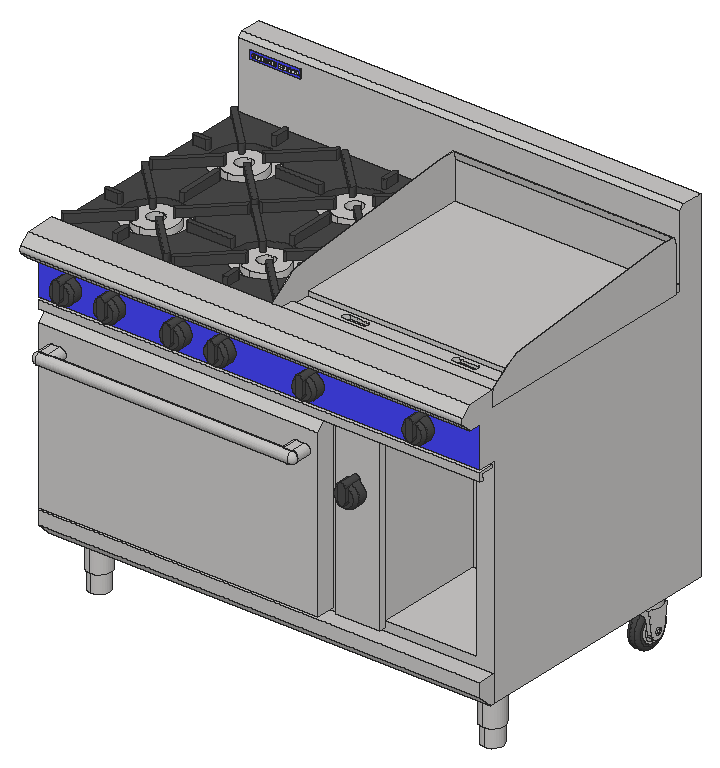
Revit family "QF_MOFFAT_BLUESEAL_CE_GE58B", category Specialty Equipment, Revit 2012 (continued)
Automatic sketch dimensions
  plane 7 "Center Y" to Extrusion 26 sketch curve = 102.757 mm
  Extrusion 26 sketch curve to Extrusion 26 sketch curve = 20.282 mm  (x2)
  Revolve 27 sketch curve to plane 3 "LEFT" = 6.961 mm
  plane 3 "LEFT" to Revolve 27 sketch curve = 23.246 mm
  Revolve 27 sketch curve to plane 18 = 16.875 mm
  Revolve 27 sketch curve to Revolve 27 sketch curve = 15 mm
  Revolve 27 sketch curve to plane 7 "Center Y" = 11.961 mm
  plane 7 "Center Y" to Revolve 27 sketch curve = 123.039 mm
  Revolve 27 sketch curve to Revolve 27 sketch curve = 0 mm
  Extrusion 28 sketch curve to Extrusion 28 sketch curve = 0 mm  (x17)
  Extrusion 28 sketch curve to Extrusion 28 sketch curve = 300 mm
  Split face 1 sketch curve to Split face 1 sketch curve = 4.041 mm  (x4)
  Split face 1 sketch curve to Split face 1 sketch curve = 8.66 mm  (x2)
  Split face 1 sketch curve to Split face 1 sketch curve = 223.917 mm
  Split face 1 sketch curve to Split face 1 sketch curve = 17 mm
  Split face 1 sketch curve to Split face 1 sketch curve = 7 mm  (x3)
  Split face 2 sketch curve to Split face 2 sketch curve = 4.041 mm  (x4)
  Split face 2 sketch curve to Split face 2 sketch curve = 8.66 mm  (x2)
  Split face 2 sketch curve to Split face 2 sketch curve = 223.917 mm
  Split face 2 sketch curve to Split face 2 sketch curve = 17 mm
  Split face 2 sketch curve to Split face 2 sketch curve = 7 mm  (x3)
  Split face 3 sketch curve to Split face 3 sketch curve = 4.041 mm  (x4)
  Split face 3 sketch curve to Split face 3 sketch curve = 8.66 mm  (x2)
  Split face 3 sketch curve to Split face 3 sketch curve = 223.917 mm
  Split face 3 sketch curve to Split face 3 sketch curve = 17 mm
  Split face 3 sketch curve to Split face 3 sketch curve = 7 mm  (x3)
  Split face 4 sketch curve to Split face 4 sketch curve = 4.041 mm  (x4)
  Split face 4 sketch curve to Split face 4 sketch curve = 8.66 mm  (x2)
  Split face 4 sketch curve to Split face 4 sketch curve = 223.917 mm
  Split face 4 sketch curve to Split face 4 sketch curve = 17 mm
  Split face 4 sketch curve to Split face 4 sketch curve = 7 mm  (x3)
  Extrusion 9 sketch curve to plane 17 = 61.602 mm  (x3)
  plane 9 to Extrusion 9 sketch curve = 4.847 mm  (x3)
  Extrusion 9 sketch curve to Extrusion 9 sketch curve = 0 mm  (x8)
  plane 3 "LEFT" to Extrusion 9 sketch curve = 15.153 mm
  Extrusion 9 sketch curve to plane 7 "Center Y" = 15.153 mm  (x3)
  Extrusion 9 sketch curve to Extrusion 9 sketch curve = 4.525 mm  (x24)
  Extrusion 9 sketch curve to plane 17 = 67.398 mm  (x2)
  Extrusion 9 sketch curve to Extrusion 9 sketch curve = 36.204 mm  (x2)
  Extrusion 9 sketch curve to Extrusion 9 sketch curve = 65.923 mm  (x2)
  Extrusion 9 sketch curve to plane 11 = 9.416 mm  (x2)
  Extrusion 9 sketch curve to Extrusion 9 sketch curve = 19.533 mm
  Extrusion 9 sketch curve to Extrusion 9 sketch curve = 20.524 mm  (x6)
  Extrusion 9 sketch curve to Extrusion 9 sketch curve = 6.4 mm  (x12)
  plane 12 to Extrusion 9 sketch curve = 40.548 mm  (x4)
  Extrusion 9 sketch curve to plane 12 = 24.426 mm  (x2)
  Extrusion 9 sketch curve to plane 13 = 7.374 mm  (x4)
  plane 8 "Center X" to Extrusion 9 sketch curve = 8.898 mm  (x4)
  plane 8 "Center X" to Extrusion 9 sketch curve = 4.372 mm  (x4)
  Extrusion 9 sketch curve to plane 8 "Center X" = 43.102 mm  (x2)
  Extrusion 9 sketch curve to Extrusion 9 sketch curve = 55.923 mm  (x4)
  plane 10 to Extrusion 9 sketch curve = 43.646 mm
  plane 10 to Extrusion 9 sketch curve = 43.172 mm  (x2)
  plane 10 to Extrusion 9 sketch curve = 9.848 mm  (x4)
  plane 10 to Extrusion 9 sketch curve = 5.323 mm  (x4)
  Extrusion 9 sketch curve to plane 10 = 65.126 mm  (x2)
  plane 9 to Extrusion 9 sketch curve = 13.898 mm
  Extrusion 9 sketch curve to plane 22 = 32.653 mm  (x3)
  Extrusion 9 sketch curve to plane 7 "Center Y" = 6.102 mm
  plane 3 "LEFT" to Extrusion 9 sketch curve = 6.102 mm  (x3)
  Extrusion 9 sketch curve to plane 22 = 29.398 mm  (x2)
  plane 3 "LEFT" to Extrusion 9 sketch curve = 16.591 mm  (x2)
  plane 14 to Extrusion 9 sketch curve = 40.025 mm  (x4)
  plane 14 to Extrusion 9 sketch curve = 69.6 mm
  Extrusion 9 sketch curve to Extrusion 9 sketch curve = 53.847 mm  (x8)
  Extrusion 9 sketch curve to plane 9 = 38.102 mm  (x2)
  Extrusion 9 sketch curve to Extrusion 9 sketch curve = 12.205 mm  (x4)
  plane 9 to Extrusion 9 sketch curve = 78.102 mm  (x2)
  Extrusion 9 sketch curve to Extrusion 9 sketch curve = 49.974 mm  (x2)
  Extrusion 8 sketch curve to plane 7 "Center Y" = 0 mm
  plane 22 to Extrusion 8 sketch curve = 0 mm
  Extrusion 8 sketch curve to plane 22 = 3 mm  (x2)
  plane 10 to Extrusion 8 sketch curve = 36.504 mm  (x2)
  plane 12 to Extrusion 8 sketch curve = 67.472 mm  (x2)
  Extrusion 8 sketch curve to plane 17 = 42 mm  (x2)
  plane 3 "LEFT" to Extrusion 8 sketch curve = 4 mm
  plane 14 to Extrusion 8 sketch curve = 76 mm  (x2)
  Extrusion 8 sketch curve to plane 7 "Center Y" = 150 mm  (x2)
  Extrusion 9 sketch curve to plane 7 "Center Y" = 7.896 mm
  plane 12 to Extrusion 9 sketch curve = 73.872 mm
  Extrusion 9 sketch curve to plane 7 "Center Y" = 57.87 mm
  curve 22 to curve 51 = 0 mm
  curve 22 to curve 63 = 0 mm
  curve 23 to curve 52 = 0 mm
  curve 24 to curve 66 = 0 mm
  curve 24 to curve 67 = 0 mm
  curve 32 to curve 54 = 0 mm
  curve 32 to curve 65 = 0 mm
  curve 47 to curve 68 = 0 mm
  curve 47 to curve 69 = 0 mm
  curve 51 to curve 63 = 0 mm
  curve 53 to curve 64 = 0 mm
  curve 54 to curve 64 = 0 mm
  plane 1 "BACK" to curve 1 = 0 mm
  curve 1 to plane 3 "LEFT" = 0 mm
  plane 5 "FRONT" to curve 9 = 0 mm
  plane 22 to curve 59 = 0 mm
  curve 61 to plane 7 "Center Y" = 0 mm
  curve 60 to plane 7 "Center Y" = 0 mm
  plane 3 "LEFT" to curve 12 = 6.08 mm
  plane 3 "LEFT" to curve 18 = 6.08 mm
  plane 3 "LEFT" to curve 14 = 6.83 mm
  plane 3 "LEFT" to curve 20 = 9.883 mm
  plane 3 "LEFT" to curve 44 = 14.678 mm
  plane 3 "LEFT" to curve 45 = 14.678 mm
  plane 3 "LEFT" to curve 9 = 22.65 mm
  curve 96 to plane 17 = 1.185 mm
  plane 3 "LEFT" to curve 96 = 24.134 mm
  curve 95 to curve 97 = 4.041 mm
  curve 95 to curve 95 = 8.66 mm
  curve 97 to curve 98 = 8.66 mm
  curve 10 to plane 11 = 11.111 mm
  curve 44 to plane 11 = 10.322 mm
  curve 45 to plane 11 = 10.322 mm
  curve 9 to plane 11 = 9.192 mm
  plane 14 to curve 12 = 47.515 mm
  plane 10 to curve 20 = 8.826 mm
  plane 14 to curve 20 = 47.515 mm
  plane 14 to curve 14 = 47.515 mm
  plane 14 to curve 18 = 47.515 mm
  plane 14 to curve 40 = 75.197 mm
  curve 20 to curve 41 = 27.682 mm
  curve 37 to plane 12 = 20.285 mm
  curve 14 to curve 37 = 28.103 mm
  curve 12 to curve 22 = 28.485 mm
  curve 37 to curve 56 = 0.382 mm
  curve 24 to curve 55 = 0 mm
  plane 10 to curve 21 = 8.826 mm
  curve 66 to curve 21 = 28.485 mm
  curve 66 to curve 19 = 28.485 mm
  curve 62 to curve 13 = 28.485 mm
  plane 12 to curve 15 = 39.794 mm
  curve 62 to curve 15 = 28.485 mm
  curve 17 to plane 9 = 42.22 mm
  curve 16 to plane 9 = 42.22 mm
  plane 17 to curve 101 = 3.815 mm
  curve 101 to plane 9 = 19.247 mm
  curve 99 to plane 17 = 3.185 mm
  curve 101 to curve 99 = 4.041 mm
  curve 101 to curve 100 = 8.66 mm
  plane 17 to curve 100 = 1.815 mm
  curve 100 to plane 9 = 6.545 mm
  plane 9 to curve 21 = 11.622 mm
  plane 9 to curve 15 = 12.516 mm
  plane 9 to curve 19 = 13.92 mm
  plane 9 to curve 13 = 13.92 mm
  plane 9 to curve 59 = 20.232 mm
  curve 13 to curve 26 = 12.16 mm
  plane 8 "Center X" to curve 33 = 7.845 mm
  curve 19 to curve 33 = 12.16 mm
  curve 15 to curve 28 = 14.753 mm
  curve 21 to curve 35 = 16.756 mm
  curve 93 to plane 17 = 1.185 mm
  plane 9 to curve 93 = 44.134 mm
  curve 92 to curve 91 = 4.041 mm
  plane 17 to curve 93 = 3.815 mm
  curve 93 to curve 93 = 8.66 mm
  curve 91 to curve 90 = 8.66 mm
  plane 9 to curve 16 = 82.78 mm
  plane 10 to curve 17 = 36.462 mm
  plane 9 to curve 17 = 82.78 mm
  curve 16 to curve 26 = 58.735 mm
  plane 10 to curve 33 = 64.183 mm
  curve 17 to curve 33 = 58.735 mm
  plane 12 to curve 28 = 39.794 mm
  curve 28 to curve 26 = 0 mm
  plane 10 to curve 35 = 8.826 mm
  curve 35 to curve 33 = 0 mm
  curve 26 to curve 42 = 27.682 mm
  curve 43 to plane 22 = 30.193 mm
  curve 35 to curve 43 = 27.682 mm
  curve 38 to plane 12 = 20.285 mm
  curve 28 to curve 38 = 28.103 mm
  curve 33 to curve 57 = 28.485 mm
  curve 46 to curve 58 = 0 mm
  curve 42 to curve 32 = 0.803 mm
  curve 64 to curve 27 = 28.485 mm
  plane 12 to curve 29 = 39.794 mm
  curve 65 to curve 29 = 28.485 mm
  curve 68 to curve 34 = 28.485 mm
  plane 10 to curve 36 = 8.826 mm
  curve 68 to curve 36 = 28.485 mm
  curve 39 to plane 7 "Center Y" = 62.22 mm
  curve 30 to plane 7 "Center Y" = 62.22 mm
  curve 86 to plane 7 "Center Y" = 39.247 mm
  curve 87 to curve 89 = 4.041 mm  (x2)
  plane 17 to curve 88 = 8.815 mm
  curve 87 to curve 88 = 8.66 mm
  plane 17 to curve 89 = 1.815 mm
  curve 29 to plane 7 "Center Y" = 7.327 mm
  curve 36 to plane 7 "Center Y" = 6.445 mm
  curve 34 to plane 7 "Center Y" = 6.08 mm
  curve 27 to plane 7 "Center Y" = 6.08 mm
  curve 30 to plane 7 "Center Y" = 2.22 mm
  curve 39 to plane 7 "Center Y" = 2.22 mm
  curve 84 to plane 17 = 1.185 mm
  plane 7 "Center Y" to curve 84 = 24.134 mm
  curve 85 to curve 83 = 4.041 mm
  plane 17 to curve 78 = 13.815 mm
  curve 85 to curve 78 = 8.66 mm
  curve 83 to curve 83 = 8.66 mm
  curve 11 to plane 5 "FRONT" = 14.544 mm
  plane 7 "Center Y" to curve 11 = 118.108 mm
  curve 10 to curve 11 = 25.191 mm
  plane 7 "Center Y" to curve 48 = 160 mm
  curve 83 to curve 78 = 223.917 mm
  curve 81 to plane 17 = 3.185 mm
  curve 79 to curve 81 = 4.041 mm  (x2)
  plane 17 to curve 80 = 8.815 mm
  curve 79 to curve 80 = 8.66 mm
  plane 17 to curve 81 = 1.815 mm
  curve 72 to plane 17 = 1.185 mm
  curve 80 to curve 72 = 50.679 mm
  curve 71 to curve 73 = 4.041 mm
  curve 71 to curve 70 = 8.66 mm
  curve 73 to curve 73 = 8.66 mm
  plane 17 to curve 77 = 13.815 mm
  plane 16 to curve 77 = 26.253 mm
  curve 77 to curve 75 = 4.041 mm
  plane 17 to curve 76 = 8.815 mm
  curve 77 to curve 76 = 8.66 mm
  plane 17 to curve 76 = 1.815 mm
  curve 76 to curve 76 = 4.041 mm
  curve 49 to curve 10 = 392.303 mm
  plane 22 to curve 6 = 3.3 mm
  curve 36 to plane 22 = 24.484 mm
  curve 21 to plane 22 = 26.417 mm
  curve 21 to curve 35 = 0 mm
  curve 20 to plane 22 = 27.922 mm
  curve 41 to plane 22 = 30.193 mm
  curve 41 to curve 41 = 40 mm
  curve 43 to curve 43 = 40 mm
  curve 41 to curve 56 = 12.039 mm
  curve 43 to curve 57 = 12.039 mm
  curve 46 to plane 10 = 20.228 mm
  curve 25 to plane 10 = 20.228 mm
  plane 10 to curve 67 = 14.772 mm
  plane 10 to curve 68 = 14.772 mm
  plane 10 to curve 39 = 36.462 mm
  curve 66 to curve 55 = 21.732 mm
  curve 68 to curve 57 = 21.732 mm
  curve 57 to curve 46 = 0.268 mm
  curve 55 to curve 25 = 0.268 mm
  plane 10 to curve 45 = 37.763 mm
  curve 67 to curve 18 = 5.411 mm
  curve 66 to curve 19 = 5.411 mm
  curve 68 to curve 34 = 5.411 mm
  curve 55 to curve 37 = 2.51 mm
  curve 57 to curve 38 = 2.51 mm
  plane 8 "Center X" to curve 19 = 7.845 mm
  plane 8 "Center X" to curve 34 = 7.845 mm
  plane 8 "Center X" to curve 18 = 7.845 mm
  curve 34 to curve 60 = 7.846 mm
  curve 60 to curve 14 = 10.445 mm
  curve 28 to plane 13 = 14.452 mm
  curve 60 to curve 29 = 10.943 mm
  curve 15 to plane 13 = 14.238 mm
  curve 38 to curve 53 = 2.758 mm
  curve 37 to curve 51 = 2.758 mm
  plane 12 to curve 31 = 10.472 mm
  plane 12 to curve 22 = 10.472 mm
  plane 12 to curve 14 = 39.794 mm
  curve 14 to curve 63 = 5.678 mm
  curve 29 to curve 65 = 5.678 mm
  curve 29 to curve 30 = 27.368 mm
  curve 15 to curve 16 = 27.368 mm
  curve 64 to curve 53 = 22 mm
  curve 62 to curve 51 = 22 mm
  plane 12 to curve 44 = 68.463 mm
  curve 63 to curve 12 = 5.678 mm
  curve 62 to curve 13 = 5.678 mm
  curve 64 to curve 26 = 5.678 mm
  curve 64 to curve 27 = 5.678 mm
  curve 51 to curve 40 = 12.693 mm
  curve 53 to curve 42 = 12.693 mm
  curve 42 to curve 42 = 45 mm
  curve 40 to curve 40 = 45 mm
  curve 27 to plane 17 = 62.387 mm
  curve 26 to plane 17 = 62.387 mm
  curve 13 to curve 26 = 0 mm
  curve 12 to curve 97 = 49.201 mm
  curve 26 to curve 59 = 21.653 mm
  curve 8 to curve 4 = 2.734 mm
  curve 91 to plane 17 = 13.185 mm
  curve 75 to plane 17 = 13.185 mm
  curve 92 to curve 92 = 7 mm
  curve 73 to curve 71 = 7 mm
  curve 83 to curve 85 = 7 mm
  curve 96 to curve 95 = 7 mm
  plane 17 to curve 95 = 3.815 mm
  plane 18 to Extrusion 7 sketch curve = 21 mm
  level to Extrusion 7 sketch curve = 246 mm
  plane 16 to Extrusion 7 sketch curve = 15.5 mm
  plane 12 to Extrusion 28 sketch curve = 67.472 mm  (x2)
  plane 10 to Extrusion 28 sketch curve = 36.772 mm  (x2)
  plane 14 to Extrusion 28 sketch curve = 76 mm  (x2)
  Split face 1 sketch curve to Split face 1 sketch curve = 5 mm
  Split face 2 sketch curve to Split face 2 sketch curve = 5 mm
  Split face 3 sketch curve to Split face 3 sketch curve = 5 mm
  Split face 4 sketch curve to Split face 4 sketch curve = 5 mm
  Extrusion 30 sketch curve to plane 17 = 99.75 mm
  Extrusion 30 sketch curve to Extrusion 30 sketch curve = 12.357 mm
  Extrusion 30 sketch curve to Extrusion 30 sketch curve = 19.393 mm  (x2)
  level to Extrusion 30 sketch curve = 45.111 mm
  Extrusion 30 sketch curve to plane 17 = 36.25 mm
  Extrusion 30 sketch curve to Extrusion 30 sketch curve = 4.889 mm
  Extrusion 30 sketch curve to Extrusion 30 sketch curve = 64.889 mm
  Revolve 31 sketch curve to plane 17 = 103.75 mm
  Revolve 31 sketch curve to plane 17 = 68 mm
  Revolve 31 sketch curve to Revolve 31 sketch curve = 35.75 mm
  Revolve 31 sketch curve to level = 55 mm
  level to Revolve 31 sketch curve = 50 mm
  Revolve 31 sketch curve to Revolve 31 sketch curve = 60 mm
  Revolve 31 sketch curve to Revolve 31 sketch curve = 40 mm
  Revolve 32 sketch curve to plane 17 = 103.75 mm
  Revolve 32 sketch curve to plane 17 = 68 mm
  Revolve 32 sketch curve to Revolve 32 sketch curve = 35.75 mm
  level to Revolve 32 sketch curve = 150 mm
  Revolve 32 sketch curve to Revolve 32 sketch curve = 40 mm
  level to Revolve 32 sketch curve = 50 mm
  Revolve 32 sketch curve to level = 55 mm
  Revolve 33 sketch curve to plane 16 = 34.382 mm
  Revolve 33 sketch curve to Revolve 33 sketch curve = 1.27 mm  (x4)
  Revolve 33 sketch curve to Revolve 33 sketch curve = 1.524 mm  (x2)
  Revolve 33 sketch curve to Revolve 33 sketch curve = 12.146 mm  (x2)
  Revolve 33 sketch curve to plane 16 = 16.68 mm
  Revolve 33 sketch curve to Revolve 33 sketch curve = 0.794 mm  (x2)
  Revolve 33 sketch curve to Revolve 33 sketch curve = 3.57 mm
  Revolve 33 sketch curve to Revolve 33 sketch curve = 2.143 mm
  Revolve 33 sketch curve to plane 16 = 6.361 mm
  plane 16 to Revolve 33 sketch curve = 5.13 mm
  plane 16 to Revolve 33 sketch curve = 6.339 mm
  plane 16 to Revolve 33 sketch curve = 14.515 mm
  Revolve 33 sketch curve to Revolve 33 sketch curve = 1.349 mm  (x2)
  Revolve 33 sketch curve to Revolve 33 sketch curve = 3.556 mm
  Revolve 33 sketch curve to plane 4 "RIGHT" = 2.18 mm
  level to Revolve 33 sketch curve = 50.8 mm
  Revolve 33 sketch curve to Revolve 33 sketch curve = 0 mm
  Revolve 33 sketch curve to Revolve 33 sketch curve = 3.505 mm  (x2)
  Revolve 33 sketch curve to Revolve 33 sketch curve = 3.447 mm  (x2)
  Revolve 33 sketch curve to Revolve 33 sketch curve = 9.964 mm
  Revolve 33 sketch curve to Revolve 33 sketch curve = 10.045 mm
  Revolve 33 sketch curve to Revolve 33 sketch curve = 2.053 mm
  Revolve 33 sketch curve to Revolve 33 sketch curve = 2.061 mm
  Revolve 33 sketch curve to Revolve 33 sketch curve = 8.247 mm
  Revolve 33 sketch curve to Revolve 33 sketch curve = 8.336 mm
  Revolve 33 sketch curve to Revolve 33 sketch curve = 6.35 mm  (x2)
  Extrusion 34 sketch curve to plane 17 = 99.75 mm
  Extrusion 34 sketch curve to Extrusion 34 sketch curve = 12.357 mm
  Extrusion 34 sketch curve to Extrusion 34 sketch curve = 19.393 mm  (x2)
  level to Extrusion 34 sketch curve = 45.111 mm
  Extrusion 34 sketch curve to plane 17 = 36.25 mm
  Extrusion 34 sketch curve to Extrusion 34 sketch curve = 4.889 mm
  Extrusion 34 sketch curve to Extrusion 34 sketch curve = 64.889 mm
  Revolve 35 sketch curve to level = 0 mm
  Revolve 35 sketch curve to plane 17 = 99.75 mm
  Revolve 35 sketch curve to Revolve 35 sketch curve = 4.25 mm
  Revolve 35 sketch curve to Revolve 35 sketch curve = 27.5 mm  (x2)
  Revolve 35 sketch curve to level = 55 mm
  Revolve 35 sketch curve to Revolve 35 sketch curve = 50 mm
  Revolve 35 sketch curve to Revolve 35 sketch curve = 0 mm
  Revolve 35 sketch curve to Revolve 35 sketch curve = 100 mm
  Revolve 36 sketch curve to level = 0 mm
  Revolve 36 sketch curve to plane 17 = 99.75 mm
  Revolve 36 sketch curve to Revolve 36 sketch curve = 4.25 mm
  Revolve 36 sketch curve to Revolve 36 sketch curve = 27.5 mm  (x2)
  level to Revolve 36 sketch curve = 50 mm
  Revolve 36 sketch curve to Revolve 36 sketch curve = 0 mm
  Revolve 36 sketch curve to Revolve 36 sketch curve = 100 mm
  Revolve 36 sketch curve to Revolve 36 sketch curve = 55 mm
  plane 14 to Revolve 37 sketch curve = 25.382 mm
  Revolve 37 sketch curve to Revolve 37 sketch curve = 1.27 mm  (x4)
  Revolve 37 sketch curve to Revolve 37 sketch curve = 1.524 mm  (x2)
  plane 14 to Revolve 37 sketch curve = 10.442 mm
  plane 14 to Revolve 37 sketch curve = 7.68 mm
  Revolve 37 sketch curve to Revolve 37 sketch curve = 0.794 mm  (x2)
  Revolve 37 sketch curve to Revolve 37 sketch curve = 3.57 mm
  Revolve 37 sketch curve to Revolve 37 sketch curve = 2.143 mm
  Revolve 37 sketch curve to plane 14 = 2.639 mm
  Revolve 37 sketch curve to plane 11 = 0.13 mm
  Revolve 37 sketch curve to plane 11 = 1.339 mm
  Revolve 37 sketch curve to plane 11 = 9.515 mm
  Revolve 37 sketch curve to Revolve 37 sketch curve = 1.349 mm  (x2)
  Revolve 37 sketch curve to Revolve 37 sketch curve = 3.556 mm
  Revolve 37 sketch curve to Revolve 37 sketch curve = 12.146 mm
  Revolve 37 sketch curve to plane 3 "LEFT" = 2.68 mm
  level to Revolve 37 sketch curve = 101.6 mm
  Revolve 37 sketch curve to Revolve 37 sketch curve = 6.35 mm  (x4)
  Revolve 37 sketch curve to Revolve 37 sketch curve = 8.247 mm
  Revolve 37 sketch curve to Revolve 37 sketch curve = 8.336 mm
  Revolve 37 sketch curve to Revolve 37 sketch curve = 2.061 mm
  Revolve 37 sketch curve to Revolve 37 sketch curve = 2.053 mm
  Revolve 37 sketch curve to Revolve 37 sketch curve = 10.045 mm
  Revolve 37 sketch curve to Revolve 37 sketch curve = 9.964 mm
  Revolve 37 sketch curve to Revolve 37 sketch curve = 3.447 mm  (x2)
  Revolve 37 sketch curve to Revolve 37 sketch curve = 3.505 mm
  curve 102 to plane 5 "FRONT" = 28.03 mm
  curve 4 to curve 103 = 12.5 mm
  Extrusion 1 sketch curve to plane 22 = 0 mm
  Extrusion 1 sketch curve to plane 21 = 0 mm
  Extrusion 1 sketch curve to plane 1 "BACK" = 0 mm
  plane 22 to Extrusion 1 sketch curve = 2.93 mm
  plane 22 to Extrusion 1 sketch curve = 8.071 mm
  plane 22 to Extrusion 1 sketch curve = 35.224 mm
  Extrusion 1 sketch curve to Extrusion 1 sketch curve = 2.389 mm
  plane 22 to Extrusion 1 sketch curve = 44 mm  (x2)
  Extrusion 1 sketch curve to Extrusion 1 sketch curve = 8.776 mm
  Extrusion 1 sketch curve to plane 5 "FRONT" = 28.03 mm
  Extrusion 1 sketch curve to plane 5 "FRONT" = 27.03 mm
  Extrusion 1 sketch curve to plane 5 "FRONT" = 11.991 mm
  Extrusion 1 sketch curve to plane 5 "FRONT" = 3.51 mm  (x2)
  Extrusion 1 sketch curve to plane 22 = 1.8 mm
  Extrusion 1 sketch curve to Extrusion 1 sketch curve = 4.2 mm
  Extrusion 1 sketch curve to plane 21 = 12.5 mm
  Extrusion 1 sketch curve to plane 17 = 38 mm
  Extrusion 1 sketch curve to Extrusion 1 sketch curve = 12.5 mm
  Extrusion 1 sketch curve to Extrusion 1 sketch curve = 41.48 mm
  Extrusion 1 sketch curve to Extrusion 1 sketch curve = 23.52 mm
  plane 18 to Extrusion 1 sketch curve = 85 mm
  Extrusion 1 sketch curve to Extrusion 1 sketch curve = 5.997 mm
  Extrusion 1 sketch curve to Extrusion 1 sketch curve = 7.004 mm
  Extrusion 1 sketch curve to Extrusion 1 sketch curve = 16.999 mm
  level to Extrusion 1 sketch curve = 222.5 mm
  Extrusion 1 sketch curve to Extrusion 1 sketch curve = 36.5 mm
  Extrusion 1 sketch curve to Extrusion 1 sketch curve = 35.929 mm
  level to Extrusion 1 sketch curve = 150 mm
  Extrusion 1 sketch curve to Extrusion 1 sketch curve = 8.48 mm
  plane 22 to Extrusion 2 sketch curve = 44 mm
  plane 18 to Extrusion 2 sketch curve = 21 mm
  plane 18 to Extrusion 2 sketch curve = 45 mm
  radius of Extrusion 6 sketch curve = 10 mm
  radius of Extrusion 28 sketch curve = 57 mm  (x4)
  radius of Extrusion 28 sketch curve = 22 mm  (x4)
  radius of Extrusion 29 sketch curve = 6.35 mm
  radius of Extrusion 8 sketch curve = 85 mm  (x4)
Nested families
  nested 1: "WALDORF LOGO_FACE BASE" at (32, -70, 1056.385) x (1, 0, 0) z (0, -1, 0), visible <- "Show Logo", type "WALDORF LOGO_FACE BASE", detail levels medium+fine
    with Show Logo yes
  nested 2: "GAS GRIDDLE PLATE 600" at (600, -85, 874.5), type "GAS GRIDDLE PLATE 600"
    with Width 600 mm, Type Mark "", Status "", Specification by User "", Revision Code "", Item Number "", Installed By "", Identify Quantity as Lot yes, Furnished By "", Foodservice Equipment Identifier yes, Depth 620 mm
Connectors
  piping at (1070, -32, 655)
    settings: on Extrusion 6, index 4, connector radius 0.37402", flow factor 0, pipe flow 0 GPM, pressure drop 0.00 psi, fitting loss kfactor 0, connector angle 0.00°, fixture units 0, engagement length 0 mm, flow configuration 1, flow direction 1, fitting loss method 0, system type 7, joint type 0, gender type 0, connector reference index -1, connector utility 0, adjustable connector no, is connector primary yes, fitting loss table "", connector description "GAS CONNECTION"
  electrical at (826, -501, 148.072), driven by "Volts", driven by "Watts"
    settings: on Extrusion 29, index 5, voltage 400 V, apparent load 6600 VA, apparent load phase1 0 VA, apparent load phase2 0 VA, apparent load phase3 0 VA, power factor 1, load classification "Other", number of poles 1, system type 30, power factor state 1, is connector primary yes, connector utility no, sub classification motor no, connector description "ELECTRICAL CONNECTION"
Definition of nested family "WALDORF LOGO_FACE BASE"
  Parameters (values of type "WALDORF LOGO_FACE BASE")
    Show Logo [instance] = yes
    Default Elevation = 1219.2 mm
  Reference planes
    plane 1 "Center (Front/Back)": y = 0
    plane 2: z = 0
    plane 3 "Center (Left/Right)": x = 0
  Forms (mm)
    Extrusion 1, solid
      sketch origin (0, 0, 0) x (1, 0, 0) y (0, 1, 0)
        loop
          line (-1219.2, 1219.2) -> (-1219.2, -1219.2) -> (1219.2, -1219.2) -> (1219.2, 1219.2) -> (-1219.2, 1219.2)
      from 0 to -304.8
    Extrusion 2, solid, material "QF_Finishes_Blue", visible <- "Show Logo"
      sketch origin (0, -33.217, 0) x (1, 0, 0) y (0, 1, 0)
        loop
          arc (138, 31.942) -> (137.626, 32.844) -> (136.724, 33.217) r 1.276
          line (136.724, 33.217) -> (1.29, 33.217)
          arc (1.29, 33.217) -> (0.378, 32.839) -> (0, 31.927) r 1.29
          line (0, 31.927) -> (0, 11.507)
          arc (0, 11.507) -> (0.378, 10.595) -> (1.29, 10.217) r 1.29
          line (1.29, 10.217) -> (136.71, 10.217)
          arc (136.71, 10.217) -> (137.622, 10.595) -> (138, 11.507) r 1.29
          line (138, 11.507) -> (138, 31.942)
      from 0 to 1.588
    Extrusion 3, solid, material "QF_Finishes_White", visible <- "Show Logo"
      sketch origin (0, -33.217, 1.588) x (1, 0, 0) y (0, 1, 0)
        loop
          arc (108.946, 25.919) -> (107.613, 25.367) -> (107.061, 24.034) r 1.885
          line (107.061, 24.034) -> (107.061, 17.211) -> (112.704, 17.211) -> (112.704, 19.129) -> (115.546, 19.129) -> (115.546, 17.211) -> (121.584, 17.211) -> (121.584, 24.075)
          arc (121.584, 24.075) -> (121.043, 25.379) -> (119.739, 25.919) r 1.845
          line (119.739, 25.919) -> (108.946, 25.919)
        loop
          line (123.478, 25.919) -> (123.478, 17.163) -> (134.904, 17.163) -> (134.904, 19.129) -> (129.246, 19.129) -> (129.246, 25.919) -> (123.478, 25.919)
        loop
          line (112.704, 21.258) -> (115.546, 21.258) -> (115.546, 22.702)
          arc (115.546, 22.702) -> (115.344, 23.188) -> (114.858, 23.389) r 0.687
          line (114.858, 23.389) -> (113.363, 23.389)
          arc (113.363, 23.389) -> (112.897, 23.196) -> (112.704, 22.73) r 0.658
          line (112.704, 22.73) -> (112.704, 21.258)
        loop
          line (105.071, 25.919) -> (93.771, 25.919) -> (93.771, 17.163) -> (105.071, 17.163) -> (105.071, 19.063) -> (99.535, 19.063) -> (99.535, 20.437) -> (105.071, 20.437) -> (105.071, 22.278) -> (99.535, 22.278) -> (99.535, 23.587) -> (105.071, 23.587) -> (105.071, 25.919)
        loop
          line (91.104, 25.919) -> (79.541, 25.919)
          arc (79.541, 25.919) -> (78.558, 25.513) -> (78.152, 24.53) r 1.389
          line (78.152, 24.53) -> (78.152, 22.08)
          arc (78.152, 22.08) -> (78.558, 21.098) -> (79.541, 20.691) r 1.389
          line (79.541, 20.691) -> (86.346, 20.691) -> (86.346, 18.864) -> (83.266, 18.864) -> (83.266, 19.664) -> (78.152, 19.664) -> (78.152, 18.553)
          arc (78.152, 18.553) -> (78.558, 17.57) -> (79.541, 17.163) r 1.389
          line (79.541, 17.163) -> (91.063, 17.163)
          arc (91.063, 17.163) -> (92.045, 17.57) -> (92.452, 18.553) r 1.389
          line (92.452, 18.553) -> (92.452, 20.691)
          arc (92.452, 20.691) -> (92.045, 21.673) -> (91.063, 22.08) r 1.389
          line (91.063, 22.08) -> (83.266, 22.08) -> (83.266, 23.984) -> (86.346, 23.984) -> (86.346, 22.743) -> (92.452, 22.743) -> (92.452, 24.571)
          arc (92.452, 24.571) -> (92.057, 25.524) -> (91.104, 25.919) r 1.348
        loop
          line (70.705, 25.919) -> (59.405, 25.919) -> (59.405, 17.163) -> (70.705, 17.163) -> (70.705, 19.063) -> (65.169, 19.063) -> (65.169, 20.437) -> (70.705, 20.437) -> (70.705, 22.278) -> (65.169, 22.278) -> (65.169, 23.587) -> (70.705, 23.587) -> (70.705, 25.919)
        loop
          line (57.598, 25.919) -> (51.7, 25.919) -> (51.7, 20.18)
          arc (51.7, 20.18) -> (50.63, 19.11) -> (49.56, 20.18) r 1.07
          line (49.56, 20.18) -> (49.56, 25.919) -> (43.663, 25.919) -> (43.663, 19.049)
          arc (43.663, 19.049) -> (44.215, 17.716) -> (45.548, 17.163) r 1.885
          line (45.548, 17.163) -> (55.71, 17.163)
          arc (55.71, 17.163) -> (57.045, 17.716) -> (57.598, 19.051) r 1.887
          line (57.598, 19.051) -> (57.598, 25.919)
        loop
          line (31.62, 25.919) -> (31.62, 17.163) -> (43.046, 17.163) -> (43.046, 19.129) -> (37.388, 19.129) -> (37.388, 25.919) -> (31.62, 25.919)
        loop
          line (15.969, 25.919) -> (15.969, 17.163) -> (28.693, 17.163)
          arc (28.693, 17.163) -> (29.812, 17.627) -> (30.276, 18.746) r 1.582
          line (30.276, 18.746) -> (30.276, 20.447) -> (29.48, 21.243) -> (30.276, 22.039) -> (30.276, 24.332)
          arc (30.276, 24.332) -> (29.811, 25.454) -> (28.688, 25.919) r 1.587
          line (28.688, 25.919) -> (15.969, 25.919)
        loop
          line (21.449, 24.159) -> (21.449, 22.436) -> (23.862, 22.436)
          arc (23.862, 22.436) -> (24.723, 23.298) -> (23.862, 24.159) r 0.861
          line (23.862, 24.159) -> (21.449, 24.159)
        loop
          line (21.449, 20.244) -> (21.449, 18.522) -> (23.862, 18.522)
          arc (23.862, 18.522) -> (24.723, 19.383) -> (23.862, 20.244) r 0.861
          line (23.862, 20.244) -> (21.449, 20.244)
      from 0 to 0.2
    Extrusion 4, solid, material "QF_Finishes_Blue", visible <- "Show Logo"
      sketch origin (-126.498, -31.09, 1.588) x (1, 0, 0) y (0, 1, 0)
        loop
          line (136.738, 23.522) -> (136.738, 15.1)
          arc (136.738, 15.1) -> (140.756, 19.311) -> (136.738, 23.522) r 4.216
      from 0 to 0.2
    Extrusion 5, solid, material "QF_Finishes_Red", visible <- "Show Logo"
      sketch origin (146.849, -31.09, 1.588) x (-1, 0, 0) y (0, -1, 0)
        loop
          arc (136.738, -23.522) -> (140.756, -19.311) -> (136.738, -15.1) r 4.216
          line (136.738, -15.1) -> (136.738, -23.522)
      from 0 to 0.2
  Lines and regions (mm)
    Split face 1
      outline origin (-90.35, -30.793, 1.588) x (1, 0, 0) y (0, 1, 0)
        loop
          circle (100.54, 19.013) r 4.536
  Dimensions and locks
    aligned and locked: plane 2 to Extrusion 1
    aligned and locked: level to Extrusion 1
Definition of nested family "GAS GRIDDLE PLATE 600"
  Parameters (values of type "GAS GRIDDLE PLATE 600")
    Width [instance] = 600 mm
    Weight in Pounds = 0
    URL Cutsheet = ""
    Type Mark [instance] = ""
    Status [instance] = ""
    Specification by User [instance] = ""
    Specification by Manufacturer = ""
    Serial Number = ""
    Seismic Rating = ""
    SMACNA No = ""
    Revision Code [instance] = ""
    Omniclass Number and Title = ""
    NAFEM Spec ID Number = ""
    Masterspec = ""
    Item Number [instance] = ""
    Installed By [instance] = ""
    Identify Quantity as Lot [instance] = yes
    Furnished By [instance] = ""
    Foodservice Equipment Identifier [instance] = yes
    Depth [instance] = 620 mm
    CSI MasterFormat = ""
    CSI Master Format = ""
  Reference planes
    plane 1 "BACK": y = 0
    plane 2: z = 0
    plane 3 "LEFT": x = 0
    plane 4 "RIGHT": x = 600
    plane 5 "FRONT": y = -620
    plane 6 "TOP": z = 142.5
    plane 7 "Center Y": x = 300
    plane 8 "Center X": y = -310
    plane 9: y = -530.997
    plane 10: y = -541.497
    plane 11: y = -503.25
    plane 12: y = -557.737
  Forms (mm)
    Extrusion 1, solid, material "QF_Finishes_Stainless Steel"
      sketch origin (0, 70.003, -874.5) x (0, 1, 0) y (0, 0, 1)
        loop
          line (-70, 875) -> (-70, 997.489) -> (-75.228, 1017) -> (-117.24, 1017) -> (-589.533, 971.523)
          arc (-589.533, 971.523) -> (-614.56, 965.803) -> (-637.306, 953.899) r 100
          line (-637.306, 953.899) -> (-690.003, 917) -> (-690.003, 875) -> (-70, 875)
      from 0 to 1.8
    Extrusion 2, solid, material "QF_Finishes_Stainless Steel"
      sketch origin (600, 70.003, -874.5) x (0, -1, 0) y (0, 0, 1)
        loop
          line (70, 875) -> (690.003, 875) -> (690.003, 917) -> (637.306, 953.899)
          arc (637.306, 953.899) -> (614.56, 965.803) -> (589.533, 971.523) r 100
          line (589.533, 971.523) -> (117.24, 1017) -> (75.228, 1017) -> (70, 997.489) -> (70, 875)
      from 0 to 1.2
    Extrusion 3, solid, material "QF_Finishes_Stainless Steel"
      sketch origin (150, 70.003, -874.5) x (0, 1, 0) y (0, 0, 1)
        loop
          line (-55, 895) -> (-573.253, 895) -> (-573.253, 884.5) -> (-627.74, 884.5) -> (-627.74, 895) -> (-690.003, 895) -> (-690.003, 875) -> (-55, 875) -> (-55, 895)
      from -148.2 to 448.8
    Extrusion 4, void
      sketch origin (150, -541.497, 10) x (0, -1, 0) y (1, 0, 0)
        loop
          arc (-7.497, 25.113) -> (-17.497, 35.113) -> (-27.497, 25.113) r 10
          line (-27.497, 25.113) -> (-27.497, -24.887)
          arc (-27.497, -24.887) -> (-17.497, -34.887) -> (-7.497, -24.887) r 10
          line (-7.497, -24.887) -> (-7.497, 25.113)
        loop
          line (-7.497, 274.887) -> (-7.497, 324.887)
          arc (-7.497, 324.887) -> (-17.497, 334.887) -> (-27.497, 324.887) r 10
          line (-27.497, 324.887) -> (-27.497, 274.887)
          arc (-27.497, 274.887) -> (-17.497, 264.887) -> (-7.497, 274.887) r 10
      from -41.4 to 40.142
    Extrusion 5, solid, material "QF_Finishes_Stainless Steel"
      sketch origin (0, 70.003, -874.5) x (0, 1, 0) y (0, 0, 1)
        loop
          line (-70, 875) -> (-70, 997.489) -> (-75.228, 1017) -> (-76.884, 1017) -> (-71.6, 997.278) -> (-71.6, 875) -> (-70, 875)
      from 0 to 598.8
  Cuts and joins
    Extrusion 4 cuts Extrusion 3
    joined: Extrusion 1, Extrusion 2, Extrusion 3, Extrusion 5
  Lines and regions (mm)
    symbolic lines
      curve 1: line (600, -503.25, 0) -> (0, -503.25, 0)
      curve 2: line (0, -557.737, 0) -> (600, -557.737, 0)
      curve 3: line (0, -1.68, 0) -> (600, -1.68, 0)
      curve 4: line (600, -1.68, 0) -> (600, -620, 0)
      curve 5: line (0, -620, 0) -> (0, -1.68, 0)
      curve 6: line (0, -620, 0) -> (600, -620, 0)
      curve 7: arc (175.113, -534, 0) -> (185.113, -524, 0) -> (175.113, -514, 0) r 10
      curve 8: line (175.113, -514, 0) -> (125.113, -514, 0)
      curve 9: arc (125.113, -514, 0) -> (115.113, -524, 0) -> (125.113, -534, 0) r 10
      curve 10: line (125.113, -534, 0) -> (175.113, -534, 0)
      curve 11: arc (424.887, -534, 0) -> (414.887, -524, 0) -> (424.887, -514, 0) r 10
      curve 12: line (424.887, -514, 0) -> (474.887, -514, 0)
      curve 13: arc (474.887, -514, 0) -> (484.887, -524, 0) -> (474.887, -534, 0) r 10
      curve 14: line (474.887, -534, 0) -> (424.887, -534, 0)
  Dimensions and locks
    equal spacing: plane 3 "LEFT", plane 7 "Center Y", plane 4 "RIGHT"
    "Width": plane 3 "LEFT" to plane 4 "RIGHT"
    equal spacing: plane 5 "FRONT", plane 8 "Center X", plane 1 "BACK"
    "Depth": plane 5 "FRONT" to plane 1 "BACK"
    locked: Extrusion 2 to Extrusion 2 at 1.2
    aligned and locked: level to plane 2
    aligned and locked: Extrusion 2 to plane 4 "RIGHT"
    aligned and locked: curve 1 to plane 11
    aligned and locked: plane 12 to curve 2
    aligned and locked: Extrusion 5 to cut or joined group of Extrusion 1, Extrusion 2, Extrusion 3, Extrusion 4, Extrusion 5
  Automatic sketch dimensions
    Extrusion 1 sketch curve to plane 5 "FRONT" = 0 mm
    Extrusion 1 sketch curve to plane 6 "TOP" = 0 mm
    plane 12 to Extrusion 1 sketch curve = 9.566 mm
    plane 11 to Extrusion 1 sketch curve = 16.28 mm
    Extrusion 1 sketch curve to level = 2.516 mm
    plane 11 to Extrusion 1 sketch curve = 6.695 mm
    plane 1 "BACK" to Extrusion 1 sketch curve = 47.237 mm
    plane 1 "BACK" to Extrusion 1 sketch curve = 5.225 mm
    Extrusion 1 sketch curve to plane 1 "BACK" = 0.003 mm
    level to Extrusion 1 sketch curve = 0.5 mm
    Extrusion 1 sketch curve to Extrusion 1 sketch curve = 42 mm
    Extrusion 1 sketch curve to plane 6 "TOP" = 63.101 mm
    Extrusion 1 sketch curve to plane 6 "TOP" = 19.511 mm
    Extrusion 2 sketch curve to plane 6 "TOP" = 0 mm
    Extrusion 2 sketch curve to plane 5 "FRONT" = 0 mm
    plane 12 to Extrusion 2 sketch curve = 9.566 mm
    plane 11 to Extrusion 2 sketch curve = 16.28 mm
    Extrusion 2 sketch curve to level = 2.516 mm
    plane 11 to Extrusion 2 sketch curve = 6.695 mm
    plane 1 "BACK" to Extrusion 2 sketch curve = 47.237 mm
    plane 1 "BACK" to Extrusion 2 sketch curve = 5.225 mm
    Extrusion 2 sketch curve to plane 1 "BACK" = 0.003 mm
    level to Extrusion 2 sketch curve = 0.5 mm
    Extrusion 2 sketch curve to Extrusion 2 sketch curve = 42 mm
    Extrusion 2 sketch curve to plane 6 "TOP" = 63.101 mm
    Extrusion 2 sketch curve to plane 6 "TOP" = 19.511 mm
    Extrusion 3 sketch curve to plane 5 "FRONT" = 0 mm
    Extrusion 3 sketch curve to plane 12 = 0 mm
    Extrusion 3 sketch curve to plane 11 = 0 mm
    Extrusion 3 sketch curve to plane 1 "BACK" = 15.003 mm
    level to Extrusion 3 sketch curve = 0.5 mm
    level to Extrusion 3 sketch curve = 10 mm
    Extrusion 3 sketch curve to Extrusion 3 sketch curve = 10.5 mm  (x2)
    plane 1 "BACK" to Extrusion 5 sketch curve = 5.225 mm
    Extrusion 5 sketch curve to plane 1 "BACK" = 0.003 mm
    Extrusion 5 sketch curve to plane 6 "TOP" = 19.511 mm
    Extrusion 5 sketch curve to Extrusion 5 sketch curve = 1.6 mm
    Extrusion 5 sketch curve to Extrusion 5 sketch curve = 0.211 mm
    Extrusion 5 sketch curve to plane 6 "TOP" = 0 mm
    Extrusion 5 sketch curve to Extrusion 5 sketch curve = 1.656 mm
    level to Extrusion 5 sketch curve = 0.5 mm
    plane 11 to Extrusion 4 sketch curve = 10.75 mm  (x2)
    Extrusion 4 sketch curve to Extrusion 4 sketch curve = 10 mm  (x2)
    plane 3 "LEFT" to Extrusion 4 sketch curve = 125.113 mm
    Extrusion 4 sketch curve to Extrusion 4 sketch curve = 50 mm  (x2)
    plane 7 "Center Y" to Extrusion 4 sketch curve = 124.887 mm
    curve 6 to plane 3 "LEFT" = 0 mm
    curve 3 to plane 4 "RIGHT" = 0 mm
    plane 5 "FRONT" to curve 6 = 0 mm
    plane 11 to curve 8 = 10.75 mm
    plane 3 "LEFT" to curve 8 = 125.113 mm
    curve 10 to plane 12 = 23.737 mm
    curve 9 to curve 10 = 50 mm
    curve 11 to plane 12 = 23.737 mm
    plane 7 "Center Y" to curve 11 = 124.887 mm
    plane 11 to curve 12 = 10.75 mm
    curve 12 to curve 12 = 50 mm
    plane 1 "BACK" to curve 3 = 1.68 mm
